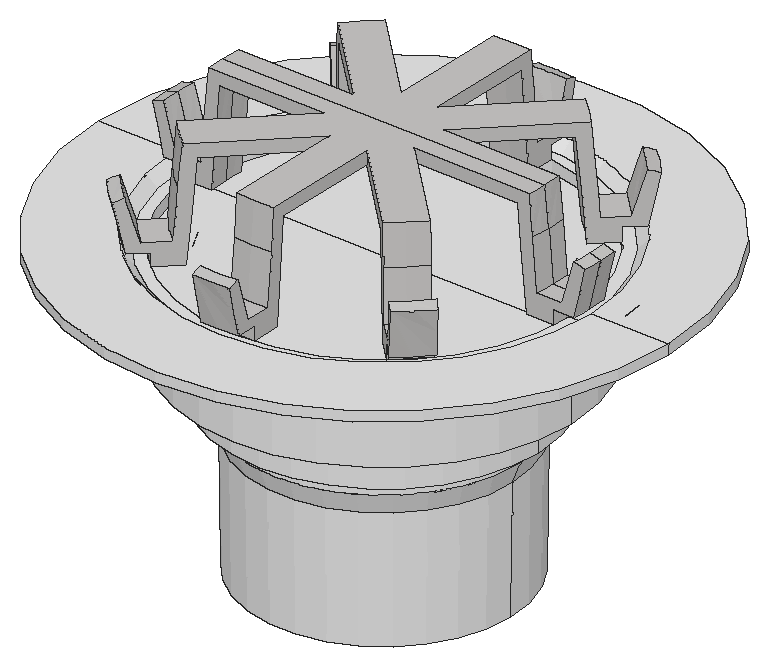
Revit family "Viking Roofspec Drain 05 M01", category Pipe Fittings, host Face, Revit 2021
Family settings
  Host = Face
  Round Connector Dimension = Use Diameter
  Part Type = Cap
  Cut with Voids When Loaded = No
  Shared = No
Parameters (values of type "Drains - Roof Drain - 100mm")
  URL = "www.vikingroofspec.co.nz"
  Type Comments = "Viking Roofspec 100mmØ clamped drain SDM049 with 304 S/S domed grate, installed as per manufacturers instructions."
  Pipe Diameter = 100 mm
  Overall Cut Diameter = 230 mm
  Model = "SDM049"
  Material = Viking Roofspec - Plastic White
  Manufacturer = "Viking Roofspec"  # constant formula
  Grate Material = Viking Roofspec - Stainless Steel
  Flow Out = 5.09 L/s
  Default Elevation = 0 mm
  Cut Diameter = 185 mm
  Component = SDM049-050 : Drain
Reference planes
  plane 1 "Center (Front/Back)": y = 0
  plane 2: z = 0
  plane 3 "Center (Left/Right)": x = 0
  plane 4 "Pipe Connector": z = -116.857
Forms (mm)
  Extrusion 1, void
    sketch origin (0, 0, 0) x (1, 0, 0) y (0, 1, 0)
      loop
        circle (0, 0) r 92.5
    from 0 to -120
  Extrusion 2, void
    sketch origin (0, 0, 0) x (1, 0, 0) y (0, 1, 0)
      loop
        circle (0, 0) r 115
    from -4 to 0
Dimensions and locks
  locked: host face to plane 4 "Pipe Connector" at 116.857
  "Cut Diameter": diameter of Extrusion 1 sketch curve
  "Overall Cut Diameter": diameter of Extrusion 2 sketch curve
  aligned and locked: plane 2 to host face
  aligned and locked: level to host face
Automatic sketch dimensions
  host sketch curve to host sketch curve = 2438.4 mm  (x2)
  plane 1 "Center (Front/Back)" to Extrusion 1 sketch curve = 0 mm
  Extrusion 1 sketch curve to plane 3 "Center (Left/Right)" = 0 mm
  plane 1 "Center (Front/Back)" to Extrusion 2 sketch curve = 0 mm
  Extrusion 2 sketch curve to plane 3 "Center (Left/Right)" = 0 mm
Nested families
  nested 1: "SDM049-050" at (0, 0, 0), type <- "Component", Grate Material <- "Grate Material", Material <- "Material", type "Drain"
Connectors
  piping at (0, 0, -116.857), diameter 100, driven by "Pipe Diameter", driven by "Flow Out"
    settings: index 3, connector inside diameter 609.6 mm, connector length 0 mm, flow factor 0, pipe flow 5.09 L/s, pressure drop 0.0 Pa, fitting loss kfactor 0, connector angle 0.00°, fixture units 0, engagement length 0 mm, angle of deflection 0.00°, flow configuration 1, flow direction 2, fitting loss method 4, system type 16, joint type 0, gender type 0, connector reference index -1, connector utility 0, adjustable connector no, is connector primary yes, connector description "Drain/Overflow"
Definition of nested family "SDM049-050"
  Parameters (values of type "Overflow")
    Not Flat Grate = not(Flat Grate)  # yes
    Material [instance] = none
    Has Overflow = yes
    Grate Material [instance] = none
    Default Elevation = 1219.2 mm
    Flat Grate = no
  Types (3, lengths in mm): name | Not Flat Grate | Has Overflow | Flat Grate
    Deck Drain | no | no | yes
    Drain | yes | no | no
    Overflow | yes | yes | no
  Reference planes
    plane 1 "Center (Front/Back)": y = 0
    plane 2: z = 0
    plane 3 "Center (Left/Right)": x = 0
  Forms (mm)
    Revolve 1, solid, material <- "Material"
      sketch origin (0, 0, 0.65) x (1, 0, 0) y (0, 0, 1)
        loop
          line (-89.864, -4.65) -> (-78.07, -17.298) -> (-78.07, -23.78) -> (-75.75, -23.78) -> (-75.75, -43.15) -> (-62.75, -43.15) -> (-62.75, -58.169) -> (-55.2, -60.077) -> (-55.2, -64.697) -> (-51.992, -72.76) -> (-51.354, -121.507) -> (0, -121.507) -> (0, -9) -> (-75.5, -9) -> (-83.85, -0.65) -> (-115, -0.65) -> (-115, -4.65) -> (-89.864, -4.65)
        axis (0, -0.65) -> (0, -121.507)
      angle from 0 to 360
    Revolve 2, solid, material <- "Material"
      sketch origin (0, 0, -4) x (1, 0, 0) y (0, 0, 1)
        loop
          line (60.75, -5) -> (60.75, -9) -> (75.5, -9) -> (84.5, 0) -> (75.25, 0) -> (75.25, -5) -> (60.75, -5)
        axis (0, 0) -> (0, -9)
      angle from 0 to 360
  Dimensions and locks
    aligned and locked: level to plane 2
  Nested families
    nested 1: "80mm Grate" at (0, 0, -4), Grate Material <- "Grate Material", visible <- "Not Flat Grate", type "80mm Grate"
      with Grate Material none
    nested 2: "80mm Flat Grate" at (0, 0, -4) x (0, 1, 0) z (0, 0, 1), Grate Material <- "Grate Material", visible <- "Flat Grate", type "80mm Flat Grate"
      with Grate Material none
    nested 3: "80mm Overflow" at (0, 0, -4), visible <- "Has Overflow", Material <- "Material", type "80mm Overflow"
      with Material none
  Definition of nested family "80mm Grate"
    Parameters (values of type "80mm drain")
      Grate Material [instance] = none
      Default Elevation = 1219.2 mm
    Reference planes
      plane 1 "Center (Front/Back)": y = 0
      plane 2: z = 0
      plane 3 "Center (Left/Right)": x = 0
    Forms (mm)
      Revolve 1, solid, material <- "Grate Material"
        sketch origin (0, 0, 4.65) x (1, 0, 0) y (0, 0, 1)
          loop
            line (68.187, 4.525) -> (66.487, 24.065) -> (65.154, 39.402) -> (0, 39.402) -> (0, 34.408) -> (60.618, 34.408) -> (63.977, -4.397) -> (75.039, -4.397) -> (75.039, 0.839) -> (83.094, 0.839) -> (87.449, 19.74) -> (83.202, 21.041) -> (78.142, 4.52) -> (68.187, 4.525)
          axis (0, 39.402) -> (0, -4.397)
        angle from 0 to 360
      Extrusion 2, void
        sketch origin (300, 0, 0) x (1, 0, 0) y (0, 1, 0)
          loop
            line (-281.893, -7.5) -> (-213.553, -75.841) -> (-185.245, -7.5) -> (-281.893, -7.5)
          loop
            line (-281.893, 7.5) -> (-185.245, 7.5) -> (-213.553, 75.841) -> (-281.893, 7.5)
          loop
            line (-292.5, 18.107) -> (-224.159, 86.447) -> (-292.5, 114.755) -> (-292.5, 18.107)
          loop
            line (-307.5, 114.755) -> (-375.841, 86.447) -> (-307.5, 18.107) -> (-307.5, 114.755)
          loop
            line (-318.107, 7.5) -> (-386.447, 75.841) -> (-414.755, 7.5) -> (-318.107, 7.5)
          loop
            line (-318.107, -7.5) -> (-414.755, -7.5) -> (-386.447, -75.841) -> (-318.107, -7.5)
          loop
            line (-307.5, -18.107) -> (-375.841, -86.447) -> (-307.5, -114.755) -> (-307.5, -18.107)
          loop
            line (-292.5, -18.107) -> (-292.5, -114.755) -> (-224.159, -86.447) -> (-292.5, -18.107)
        from -14.819 to 68.3
    Cuts and joins
      Extrusion 2 cuts Revolve 1
    Dimensions and locks
      aligned and locked: level to plane 2
  Definition of nested family "80mm Flat Grate"
    Parameters (values of type "80mm Flat Grate")
      Grate Material [instance] = none
      Default Elevation = 1219.2 mm
    Reference planes
      plane 1 "Center (Front/Back)": y = 0
      plane 2: z = 0
      plane 3 "Center (Left/Right)": x = 0
    Forms (mm)
      Revolve 1, solid, material <- "Grate Material"
        sketch origin (0, 0, -0.65) x (1, 0, 0) y (0, 0, 1)
          loop
            line (0, -6.25) -> (72.5, -6.25) -> (74.25, -4.5) -> (75.25, -4.5) -> (75.25, 0) -> (0, 0) -> (0, -6.25)
          axis (0, 0) -> (0, -6.25)
        angle from 0 to 360
      Extrusion 2, void
        sketch origin (0, 0, 0) x (1, 0, 0) y (0, 1, 0)
          loop
            line (-52.166, 38.778) -> (-27.5, 24.537) -> (-27.5, 58.896)
            arc (-27.5, 58.896) -> (-41.083, 50.37) -> (-52.166, 38.778) r 65
          loop
            line (-12.5, 15.877) -> (0, 8.66) -> (12.5, 15.877) -> (12.5, 63.787)
            arc (12.5, 63.787) -> (0, 65) -> (-12.5, 63.787) r 65
            line (-12.5, 63.787) -> (-12.5, 15.877)
          loop
            arc (52.166, 38.778) -> (41.083, 50.37) -> (27.5, 58.896) r 65
            line (27.5, 58.896) -> (27.5, 24.537) -> (52.166, 38.778)
          loop
            line (59.666, 25.788) -> (35, 11.547) -> (64.756, -5.632)
            arc (64.756, -5.632) -> (64.164, 10.394) -> (59.666, 25.788) r 65
          loop
            line (20, 2.887) -> (7.5, -4.33) -> (7.5, -18.764) -> (48.991, -42.719)
            arc (48.991, -42.719) -> (56.292, -32.5) -> (61.491, -21.068) r 65
            line (61.491, -21.068) -> (20, 2.887)
          loop
            arc (7.5, -64.566) -> (23.08, -60.764) -> (37.256, -53.264) r 65
            line (37.256, -53.264) -> (7.5, -36.084) -> (7.5, -64.566)
          loop
            line (-7.5, -64.566) -> (-7.5, -36.084) -> (-37.256, -53.264)
            arc (-37.256, -53.264) -> (-23.08, -60.764) -> (-7.5, -64.566) r 65
          loop
            line (-7.5, -18.764) -> (-7.5, -4.33) -> (-20, 2.887) -> (-61.491, -21.068)
            arc (-61.491, -21.068) -> (-56.292, -32.5) -> (-48.991, -42.719) r 65
            line (-48.991, -42.719) -> (-7.5, -18.764)
          loop
            arc (-59.666, 25.788) -> (-64.164, 10.394) -> (-64.756, -5.632) r 65
            line (-64.756, -5.632) -> (-35, 11.547) -> (-59.666, 25.788)
        from -20 to 20
    Cuts and joins
      Extrusion 2 cuts Revolve 1
    Dimensions and locks
      aligned and locked: level to plane 2
  Definition of nested family "80mm Overflow"
    Parameters (values of type "80mm Overflow")
      Material [instance] = none
      Default Elevation = 1219.2 mm
    Reference planes
      plane 1 "Center (Front/Back)": y = 0
      plane 2: z = 0
      plane 3 "Center (Left/Right)": x = 0
    Forms (mm)
      Extrusion 1, solid, material <- "Material"
        sketch origin (0, 0, 0) x (1, 0, 0) y (0, 1, 0)
          loop
            circle (0, 0) r 56.5
          loop
            circle (0, 0) r 53.5
        from 0 to 34.563
    Dimensions and locks
      aligned and locked: level to plane 2
